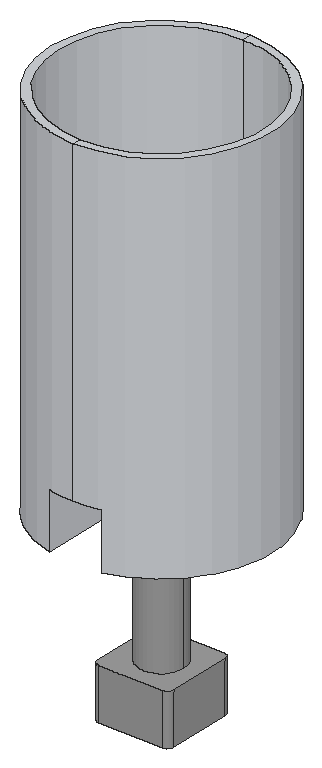
Revit family "Alcon - 13114-Linear_Family", category Generic Models, host Face, Revit 2025
Family settings
  Host = Face
  Can host rebar = No
  Round Connector Dimension = Use Diameter
  Part Type = Normal
  Cut with Voids When Loaded = No
  Maintain Annotation Orientation = No
  Shared = No
  Room Calculation Point = No
Parameters
  URL = "https://www.alconlighting.com/?srsltid=AfmBOooDPhGQ0dEP-X2PMtxFfvvWpIAEL4jCll_O2F4_to5onvhnBomy"
  Product Page URL = "https://www.alconlighting.com/13114-bella.html"
  Model = "13114"
  Manufacturer = "ALCON Lighter"
  Fixture Rotation = 90.00°
  Default Elevation = 4' - 0"
  BODY = Default
Reference planes (in)
  plane 1 "Center (Front/Back)": y = 0
  plane 2: z = 0
  plane 3 "Center (Left/Right)": x = 0
  plane 4: z = 2.21166
Forms (in)
  Extrusion 1, solid, material "Default" <- "BODY"
    sketch origin (0, 0, 0.5) x (0, 1, 0) y (1, 0, 0)
      loop
        arc (-0.375, -0.3125) -> (-0.35669, -0.35669) -> (-0.3125, -0.375) r 0.0625
        line (-0.3125, -0.375) -> (0.3125, -0.375)
        arc (0.3125, -0.375) -> (0.35669, -0.35669) -> (0.375, -0.3125) r 0.0625
        line (0.375, -0.3125) -> (0.375, 0.3125)
        arc (0.375, 0.3125) -> (0.35669, 0.35669) -> (0.3125, 0.375) r 0.0625
        line (0.3125, 0.375) -> (-0.3125, 0.375)
        arc (-0.3125, 0.375) -> (-0.35669, 0.35669) -> (-0.375, 0.3125) r 0.0625
        line (-0.375, 0.3125) -> (-0.375, -0.3125)
    from 0 to 0.5
  Extrusion 2, solid, material "Default" <- "BODY"
    sketch origin (0, 0, 0.5) x (0, 1, 0) y (-1, 0, 0)
      loop
        circle (0, 0) r 0.21871
    from 0 to 1.81572
Dimensions and locks (in)
  "Fixture Rotation": angle nested 1 to plane 4
  aligned and locked: plane 2 to host face
  aligned and locked: level to host face
Automatic sketch dimensions
  host sketch curve to host sketch curve = 8' - 0"  (x2)
  plane 1 "Center (Front/Back)" to Extrusion 1 sketch curve = 0' - 0 3/8"
  Extrusion 1 sketch curve to Extrusion 1 sketch curve = 0' - 0 1/16"  (x3)
  Extrusion 1 sketch curve to plane 1 "Center (Front/Back)" = 0' - 0 5/16"  (x2)
  plane 3 "Center (Left/Right)" to Extrusion 1 sketch curve = 0' - 0 3/8"
  Extrusion 1 sketch curve to plane 3 "Center (Left/Right)" = 0' - 0 5/16"
  Extrusion 2 sketch curve to Extrusion 1 = 0' - 0 3/8"  (x2)
  radius of Extrusion 2 sketch curve = 0' - 0.21871"
Nested families (in)
  nested 1: "Alcon - 13114-Linear_Cylider" at (0, 0, 2.21166) x (0, 0, -1) z (-1, 0, 0), type "Alcon - 13114-Linear_Cylider"
    with built-in parameter 1001306 0.048904 (stored number, unit not read)
Definition of nested family "Alcon - 13114-Linear_Cylider"
  Parameters (values of type "Alcon - 13114-Linear_Cylider")
    Wattage = 9.2903 W
    built-in parameter 1150110 = 1 (stored number, unit not read)
    built-in parameter 1114217 = 1 (stored number, unit not read)
    Tilt Angle = 60.00°
    built-in parameter 1150109 = 1 (stored number, unit not read)
    built-in parameter 1150134 = 3
    built-in parameter 1150113 = 1 (stored number, unit not read)
    built-in parameter 1010507 = 1.5708 (stored number, unit not read)
    built-in parameter 1010506 = 0.5236 (stored number, unit not read)
    built-in parameter 1150105 = 4614.1 (stored number, unit not read)
    Lumens = 1380 lm
    built-in parameter 1150115 = 1 (stored number, unit not read)
    Light Source Symbol Length = 10' - 0"
    built-in parameter 1150137 = (empty or 0)
    built-in parameter 1150139 = (empty or 0)
    built-in parameter 1001306 [instance] = 4' - 0"
    built-in parameter 1150112 = 1 (stored number, unit not read)
    built-in parameter 1150114 = 1 (stored number, unit not read)
    built-in parameter 1150132 = (empty or 0)
    built-in parameter 1150102 = (empty or 0)
    built-in parameter 1150107 = 3200 (stored number, unit not read)
    built-in parameter 1150138 = (empty or 0)
    built-in parameter 1150106 = 46.141 (stored number, unit not read)
    Housing = none
    built-in parameter 1150104 = 13.8 (stored number, unit not read)
    Dimming Lamp Color Temperature Shift = (empty or 0)
    Default Elevation = 0' - 0"
    Color Filter = 16777215
    built-in parameter 1114218 = 1 (stored number, unit not read)
    built-in parameter 1150133 = 10 (stored number, unit not read)
  Reference planes (in)
    plane 1 "Center (Front/Back)": y = 0
    plane 2: z = 0
    plane 3 "Left": x = 0
    plane 4 "Right": x = 48
  Forms (in)
    Revolve 1, solid, material <- "Housing"
      sketch origin (-3.14623, 0, 0) x (1, 0, 0) y (0, 1, 0)
        loop
          line (-0.16, 1.085) -> (-0.16, 1.00297) -> (1.66299, 1.00297) -> (1.66299, 0) -> (3.54, 0) -> (3.54, 1.085) -> (-0.16, 1.085)
        axis (-0.16, 0) -> (3.54, 0)
      angle from 0 to 360
    Extrusion 2, void
      sketch origin (0, 0, -0.08917) x (1, 0, 0) y (0, 0, 1)
        loop
          line (-0.159, 0.34451) -> (-0.159, -0.16617) -> (0.39377, -0.16617) -> (0.39377, 0.34451) -> (-0.159, 0.34451)
      from 0.26773 to -1.31381
  Cuts and joins
    Extrusion 2 cuts Revolve 1
  Lines and regions (in)
    reference lines
      curve 1: line (0, 0, 0) -> (48, 0, 0)
    model lines
      curve 2: line (0, 0, 0) -> (-14.65601, 0, 0)
  Dimensions and locks (in)
    "built-in parameter 1001306": plane 3 "Left" to plane 4 "Right"
    aligned and locked: plane 4 "Right" to curve 1
    aligned and locked: plane 1 "Center (Front/Back)" to curve 1
    aligned and locked: plane 3 "Left" to curve 1
    aligned and locked: level to plane 2
  Automatic sketch dimensions
    plane 1 "Center (Front/Back)" to curve 2 = 0' - 0"
    curve 2 to plane 3 "Left" = 0' - 0"
    curve 2 to curve 2 = 1' - 2.65601"
    Extrusion 2 sketch curve to plane 3 "Left" = 0' - 0.159"
    Extrusion 2 sketch curve to level = 0' - 0.25534"
    plane 3 "Left" to Extrusion 2 sketch curve = 0' - 0.39377"
    level to Extrusion 2 sketch curve = 0' - 0.25534"
    plane 1 "Center (Front/Back)" to Revolve 1 sketch curve = 0' - 0"  (x2)
    Revolve 1 sketch curve to plane 1 "Center (Front/Back)" = 0' - 1.00297"
    Revolve 1 sketch curve to plane 3 "Left" = 0' - 3.30623"
    Revolve 1 sketch curve to plane 3 "Left" = 0' - 1.48324"
    plane 3 "Left" to Revolve 1 sketch curve = 0' - 0.39377"
    Revolve 1 sketch curve to Revolve 1 sketch curve = 0' - 0 21/256"
    Revolve 1 sketch curve to Revolve 1 sketch curve = 0' - 0.30768"
    Revolve 1 sketch curve to Revolve 1 sketch curve = 0' - 0.23469"
